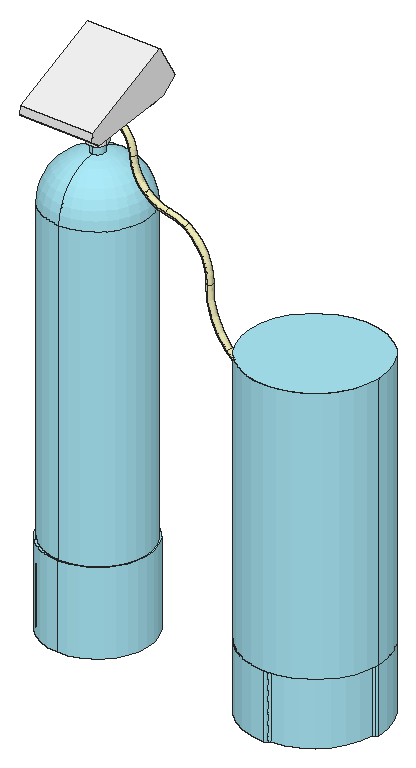
Revit family "Water-Softener", category Plumbing Fixtures, Revit 2026
Family settings
  Round Connector Dimension = Use Diameter
  Part Type = Normal
  Classification Number = 23.65.50.11.11.11
  Work Plane-Based = Yes
  Enable Cutting in Views = No
  Always vertical = Yes
  Cut with Voids When Loaded = No
  Maintain Annotation Orientation = No
  Shared = No
  Room Calculation Point = No
Parameters
  Working Pressure = "20-120 PSI"
  Wattage = 15
  Water Heater Size = 120
  Warranty Duration (Years) = 10
  Voltage = 110
  Type Comments = ""
  Test Data = ""
  Tank Size = 60000
  Tank Capacity (Gal) = 4.4
  Specification = "http://www.arcat.com/divs/sec/sec15460.shtml"
  Size - Grains = 30000
  Sales Information = ""
  Product Properties = "http://www.arcat.com/bim/bim_info.pl?fn=Water-Softener"
  Product Data = "http://www.arcat.com/divs/sec/sec15460.shtml"
  Outlet Connection = Plumbing-Connector : Thread-Thread -B-C 1
  Model = "Generic"  # constant formula
  Max Water Temp - F = 200
  Manufacturer Website = "http://www.arcat.com/"
  Manufacturer Phone - Toll Free = ""
  Manufacturer Phone = "(203) 929-9444"  # constant formula
  Manufacturer Fax = "(203) 939-2444"  # constant formula
  Manufacturer Email = "bim@arcat.com"  # constant formula
  Manufacturer Address = "1077 Bridgeport Ave, Shelton, CT  06484"  # constant formula
  Manufacturer = "Generic"  # constant formula
  Maintenance Schedule (Months) = 1
  Keynote = "15460"
  Installation_Fabricaton = ""
  Installation Phase = ""
  Inlet Connection = Plumbing-Connector : Thread-Thread -B-C 1
  Green Building-LEED = "http://www.arcat.com/green/green_building.shtml"
  Fitting Material = ARCAT - Metal - Brass
  Expected Lifespan (Years) = 15
  Drawn By = "Robert S. Weygant. CSI, CDT, SCIP"  # constant formula
  Description = "Residential Water Softener"
  Default Elevation = 4' - 0"
  Copyright = "2008, ARCAT, Inc."  # constant formula
  Construction Details = "http://www.arcat.com/divs/sec/sec15460.shtml"
  Brine Connection = "3/8\" NPT"
  CW Connection = no
  Building Codes = ""
  Body Material = ARCAT - Metal - Aluminum, Painted - Light Blue
  Backwash (GPM) = 7
  Assembly Code = "D2020300"
  Amperage = 3
Reference planes (in)
  plane 1: z = 0
  plane 2 "Center (Left/Right)": x = 0
  plane 3 "Connection Level": z = 70.72465
  plane 4 "Center": y = 0
  plane 5 "Connection Plane": y = 1.5
Forms (in)
  Revolve 1, solid, material "ARCAT - Metal - Aluminum, Painted - Light Blue" <- "Body Material"
    sketch origin (0, 0, 0) x (0, 1, 0) y (0, 0, 1)
      loop
        arc (-0.1997, 13.3003) -> (-1.12697, 12.82853) -> (-1.5, 11.85732) r 1.45081
        line (-1.5, 11.85732) -> (-1.5, 0) -> (0, 0) -> (0, 13.71432) -> (-0.1997, 13.71432) -> (-0.1997, 13.3003)
      axis (0, 13.71432) -> (0, 0)
    angle from 0 to 360
  Revolve 2, solid, material "ARCAT - Metal - Aluminum, Painted - Light Blue" <- "Body Material"
    sketch origin (0, 0, 0) x (0, 1, 0) y (0, 0, 1)
      loop
        line (-1.5, 0) -> (-1.5, 2.5) -> (-1.5625, 2.5) -> (-1.5625, -0.05923) -> (0, -0.05923) -> (0, 0) -> (-1.5, 0)
      axis (0, -0.05923) -> (0, 2.5)
    angle from 0 to 360
  Extrusion 3, solid, material "ARCAT - Metal - Aluminum, Painted - Light Blue" <- "Body Material"
    sketch origin (0, 0, 0) x (1, 0, 0) y (0, 1, 0)
      loop
        arc (6.79468, -2) -> (6.83925, -1.98154) -> (6.85771, -1.93696) r 0.06304
        arc (6.85771, -1.93696) -> (6.87717, -1.88998) -> (6.92415, -1.87052) r 0.06644
        arc (6.92415, -1.87052) -> (8.12827, -1.31801) -> (8.66659, -0.10747) r 1.875
        arc (8.66659, -0.10747) -> (8.68793, -0.06894) -> (8.72958, -0.05463) r 0.06136
        arc (8.72958, -0.05463) -> (8.77263, -0.03983) -> (8.79468, 0) r 0.06343
        arc (8.79468, 0) -> (5.38046, 1.41421) -> (6.79468, -2) r 2
    from 0 to 2
  Extrusion 4, solid, material "ARCAT - Metal - Aluminum, Painted - Light Blue" <- "Body Material"
    sketch origin (0, 0, 2) x (1, 0, 0) y (0, 1, 0)
      loop
        circle (6.79468, 0) r 2
    from 0 to 8
  Sweep 5, solid, material "ARCAT - Metal - Brass" <- "Fitting Material"
    path origin (0, 0, 0) x (1, 0, 0) y (0, 0, 1)
      loop
        arc (4.86884, 8.53451) -> (4.46335, 8.82913) -> (4.1028, 9.17729) r 3.59406
        arc (4.1028, 9.17729) -> (3.64368, 9.94134) -> (3.50426, 10.82176) r 2.33546
        arc (3.50426, 10.82176) -> (3.32962, 11.57832) -> (2.80005, 12.14618) r 1.49986
        arc (2.80005, 12.14618) -> (2.5183, 12.28359) -> (2.21414, 12.35943) r 1.49986
        arc (2.21414, 12.35943) -> (1.8506, 12.46713) -> (1.53441, 12.6764) r 1.28285
        arc (1.53441, 12.6764) -> (1.2301, 13.08763) -> (1.11068, 13.58508) r 1.28285
        arc (1.11068, 13.58508) -> (0.7603, 14.28789) -> (0, 14.4845) r 0.9468
    profile origin (4.46335, 0, 8.82913) x (-0.642788, 0, -0.766044) y (0, -1, 0)
      loop
        circle (0, 0) r 0.08997
  Revolve 6, solid, material "ARCAT - Plastic - White"
    sketch origin (0, 0, 0) x (1, 0, 0) y (0, 0, 1)
      loop
        line (0, 13.57152) -> (0.29377, 13.57152) -> (0.29377, 15.07152) -> (0, 15.07152) -> (0, 13.57152)
      axis (0, 13.57152) -> (0, 15.07152)
    angle from 0 to 360
  Extrusion 7, solid, material "ARCAT - Plastic - White"
    sketch origin (-1.125, -1.5239, 0.07986) x (0, 0.994522, -0.104528) y (0, 0.104528, 0.994522)
      loop
        line (1.1324, 14.84022) -> (1.55099, 15.25881) -> (0.87336, 16.19148) -> (-1.62366, 14.69112) -> (-1.62366, 14.44112) -> (-1.3302, 14.27169) -> (1.1324, 14.84022)
    from 0 to 2.25
  Extrusion 8, solid, material "ARCAT - Metal - Aluminum, Painted - Light Blue" <- "Body Material", not visible
    sketch origin (0, 0, 0) x (1, 0, 0) y (0, 1, 0)
      loop
        arc (6.79468, -2) -> (6.83925, -1.98154) -> (6.85771, -1.93696) r 0.06304
        arc (6.85771, -1.93696) -> (6.87717, -1.88998) -> (6.92415, -1.87052) r 0.06644
        arc (6.92415, -1.87052) -> (8.12827, -1.31801) -> (8.66659, -0.10747) r 1.875
        arc (8.66659, -0.10747) -> (8.68793, -0.06894) -> (8.72958, -0.05463) r 0.06136
        arc (8.72958, -0.05463) -> (8.77263, -0.03983) -> (8.79468, 0) r 0.06343
        arc (8.79468, 0) -> (5.38046, 1.41421) -> (6.79468, -2) r 2
    from 0 to 2
  Extrusion 9, solid, material "ARCAT - Metal - Aluminum, Painted - Light Blue" <- "Body Material", not visible
    sketch origin (0, 0, 2) x (1, 0, 0) y (0, 1, 0)
      loop
        circle (6.79468, 0) r 2
    from 0 to 8
  Extrusion 10, solid, material "ARCAT - Metal - Brass" <- "Fitting Material"
    sketch origin (0, 1.5, 0.18867) x (-1, 0, 0) y (0, 0, 1)
      loop
        circle (-0.30128, 14.2332) r 0.375
    from 0 to -1.5
  Extrusion 11, void
    sketch origin (0, 1.5, 0.16786) x (-1, 0, 0) y (0, 0, 1)
      loop
        circle (-0.29851, 14.25402) r 0.25
    from 0 to -0.87546
  Extrusion 12, solid, material "ARCAT - Metal - Brass" <- "Fitting Material"
    sketch origin (-0.75, 1.5, 0.18867) x (-1, 0, 0) y (0, 0, 1)
      loop
        circle (-0.30128, 14.2332) r 0.375
    from 0 to -1.5
  Extrusion 13, void
    sketch origin (-0.75, 1.5, 0.16786) x (-1, 0, 0) y (0, 0, 1)
      loop
        circle (-0.29851, 14.25402) r 0.25
    from 0 to -0.87546
Cuts and joins
  Extrusion 11, Extrusion 13 cuts Extrusion 10
  Extrusion 13 cuts Extrusion 12
Lines and regions (in)
  reference lines
    curve 1: line (6.79468, -2, 0) -> (6.79468, 2, 0)
Dimensions and locks (in)
  plane 4 "Center" to plane 5 "Connection Plane" = 0' - 1 1/2"
  aligned and locked: plane 4 "Center" to Extrusion 10
  aligned and locked: plane 4 "Center" to Extrusion 12
Nested families (in)
  nested 1: "Plumbing-Connector" at (1.80088, 1, 16.34971) x (-1, 0, 0) z (0, 0, 1), type <- "Inlet Connection", type "Thread-Thread -B-C 1"
  nested 2: "Plumbing-Connector" at (1.05088, 1, 16.34971) x (-1, 0, 0) z (0, 0, 1), type <- "Outlet Connection", type "Thread-Thread -B-C 1"
Definition of nested family "Plumbing-Connector"
  Parameters
    Waste Connection = no
    Warranty Duration (Years) = 0
    Vent Connection = no
    Type Comments = "Plumbing Connection"
    Test Data = ""
    Specification = "http://www.arcat.com/divs/sec/sec15000.shtml"
    Sales Information = ""
    Product Properties = "http://www.arcat.com/bim/bim_info.pl?fn=Plumbing-Connector"
    Product Data = "http://www.arcat.com/divs/sec/sec15000.shtml"
    Pipe Diameter [instance] = 0' - 4"
    Outlet Material [instance] = none
    Outlet Connection [instance] = "Crimp"
    Model = "Generic"  # constant formula
    Mixing Valve = no
    Manufacturer Website = "http://www.arcat.com/"
    Manufacturer Phone - Toll Free = ""
    Manufacturer Phone = "(203) 929-9444"  # constant formula
    Manufacturer Fax = "(203) 939-2444"  # constant formula
    Manufacturer Email = "bim@arcat.com"  # constant formula
    Manufacturer Address = "1077 Bridgeport Ave, Shelton, CT  06484"  # constant formula
    Manufacturer = "Generic"  # constant formula
    Maintenance Schedule (Months) = 0
    Keynote = "15000"
    Installation_Fabricaton = ""
    Installation Phase = ""
    Inlet Material [instance] = none
    Inlet Connection [instance] = "Threaded"
    HW Connection = no
    Green Building-LEED = "http://www.arcat.com/green/green_building.shtml"
    Expected Lifespan (Years) = 0
    Drawn By = "Robert S. Weygant. CSI, CDT, SCIP"  # constant formula
    Description = ""
    Default Elevation = 4' - 0"
    Copyright = "2008, ARCAT, Inc."  # constant formula
    Construction Details = "http://www.arcat.com/divs/sec/sec15000.shtml"
    CW Connection = yes
    Building Codes = ""
    Assembly Code = "D2090900"
  Reference planes (in)
    plane 1 "Center (TB)": z = -1.92656
    plane 2 "Center (Left/Right)": x = 1.5
    plane 3 "Center (FB)": y = -0.5
    plane 4: x = -0.5
    plane 5: x = 3.5
    plane 6: y = 1.5
    plane 7: y = -2.5
    plane 8: z = 0.07344
    plane 9: z = -3.92656
  Forms (in)
    Revolve 1, solid
      sketch origin (0, 0, -1.92656) x (1, 0, 0) y (0, 1, 0)
        loop
          line (1.5, -0.375) -> (1.5, -0.625)
          arc (1.5, -0.625) -> (1.625, -0.5) -> (1.5, -0.375) r 0.125
        axis (1.5, -0.375) -> (1.5, -0.625)
      angle from 0 to 360
  Lines and regions (in)
    model lines, not visible
      curve 1: line (0, 0.5, 0) -> (0, -0.5, 0)
      curve 2: line (-0.5, 0, 0) -> (0.5, 0, 0)
    model lines, visible <- "CW Connection"
      curve 3: line (1.5, -0.5, -3.92656) -> (1.5, -0.5, 0.07344)
      curve 8: line (-0.5, -0.5, -1.92656) -> (3.5, -0.5, -1.92656)
      curve 13: line (1.5, 1.5, -1.92656) -> (1.5, -2.5, -1.92656)
    model lines, visible <- "Waste Connection"
      curve 4: line (1.5, -0.5, -3.92656) -> (1.5, -0.5, 0.07344)
      curve 9: line (-0.5, -0.5, -1.92656) -> (3.5, -0.5, -1.92656)
      curve 14: line (1.5, 1.5, -1.92656) -> (1.5, -2.5, -1.92656)
    model lines, visible <- "HW Connection"
      curve 5: line (1.5, -0.5, -3.92656) -> (1.5, -0.5, 0.07344)
      curve 10: line (-0.5, -0.5, -1.92656) -> (3.5, -0.5, -1.92656)
      curve 15: line (1.5, 1.5, -1.92656) -> (1.5, -2.5, -1.92656)
    model lines, visible <- "Mixing Valve"
      curve 6: line (1.5, -0.5, -3.92656) -> (1.5, -0.5, 0.07344)
      curve 11: line (-0.5, -0.5, -1.92656) -> (3.5, -0.5, -1.92656)
      curve 16: line (1.5, 1.5, -1.92656) -> (1.5, -2.5, -1.92656)
    model lines, visible <- "Vent Connection"
      curve 7: line (1.5, -0.5, -3.92656) -> (1.5, -0.5, 0.07344)
      curve 12: line (-0.5, -0.5, -1.92656) -> (3.5, -0.5, -1.92656)
      curve 17: line (1.5, 1.5, -1.92656) -> (1.5, -2.5, -1.92656)
  Dimensions and locks (in)
    equal spacing: plane 4, plane 2 "Center (Left/Right)", plane 5
    equal spacing: plane 6, plane 3 "Center (FB)", plane 7
    "Pipe Diameter": plane 4 to plane 5
    "Pipe Diameter": plane 6 to plane 7
    equal spacing: plane 8, plane 1 "Center (TB)", plane 9
    "Pipe Diameter": plane 8 to plane 9
    aligned and locked: plane 9 to curve 3
    aligned and locked: plane 2 "Center (Left/Right)" to curve 3
    aligned and locked: plane 8 to curve 3
    aligned and locked: plane 2 "Center (Left/Right)" to curve 4
    aligned and locked: plane 2 "Center (Left/Right)" to curve 5
    aligned and locked: plane 2 "Center (Left/Right)" to curve 6
    aligned and locked: plane 2 "Center (Left/Right)" to curve 7
    aligned and locked: plane 4 to curve 8
    aligned and locked: plane 5 to curve 8
    aligned and locked: plane 3 "Center (FB)" to curve 8
    aligned and locked: plane 3 "Center (FB)" to curve 9
    aligned and locked: plane 3 "Center (FB)" to curve 10
    aligned and locked: plane 3 "Center (FB)" to curve 11
    aligned and locked: plane 3 "Center (FB)" to curve 12
    aligned and locked: plane 6 to curve 13
    aligned and locked: curve 13 to plane 2 "Center (Left/Right)"
    aligned and locked: plane 7 to curve 13
    aligned and locked: curve 14 to plane 2 "Center (Left/Right)"
    aligned and locked: curve 15 to plane 2 "Center (Left/Right)"
    aligned and locked: curve 16 to plane 2 "Center (Left/Right)"
    aligned and locked: curve 17 to plane 2 "Center (Left/Right)"
  Automatic sketch dimensions
    Revolve 1 sketch curve to plane 2 "Center (Left/Right)" = 0' - 0"  (x2)
    Revolve 1 sketch curve to plane 3 "Center (FB)" = 0' - 0"
    Revolve 1 sketch curve to Revolve 1 sketch curve = 0' - 0 1/8"
    Revolve 1 sketch curve to plane 7 = 4' - 9 1/2"
    plane 6 to Revolve 1 sketch curve = 4' - 8.8714"
    curve 6 to plane 8 = 0' - 0"
    curve 4 to plane 8 = 0' - 0"
    curve 5 to plane 8 = 0' - 0"
    curve 7 to plane 8 = 0' - 0"
    curve 4 to plane 9 = 0' - 0"
    curve 7 to plane 9 = 0' - 0"
    curve 6 to plane 9 = 0' - 0"
    curve 5 to plane 9 = 0' - 0"
    curve 17 to plane 6 = 0' - 0"
    curve 17 to plane 7 = 0' - 0"
    curve 16 to plane 7 = 0' - 0"
    curve 16 to plane 6 = 0' - 0"
    curve 15 to plane 6 = 0' - 0"
    curve 15 to plane 7 = 0' - 0"
    curve 14 to plane 6 = 0' - 0"
    curve 14 to plane 7 = 0' - 0"
    curve 10 to plane 4 = 0' - 0"
    curve 9 to plane 4 = 0' - 0"
    curve 11 to plane 4 = 0' - 0"
    curve 12 to plane 4 = 0' - 0"
    curve 10 to plane 5 = 0' - 0"
    curve 9 to plane 5 = 0' - 0"
    curve 11 to plane 5 = 0' - 0"
    curve 12 to plane 5 = 0' - 0"
